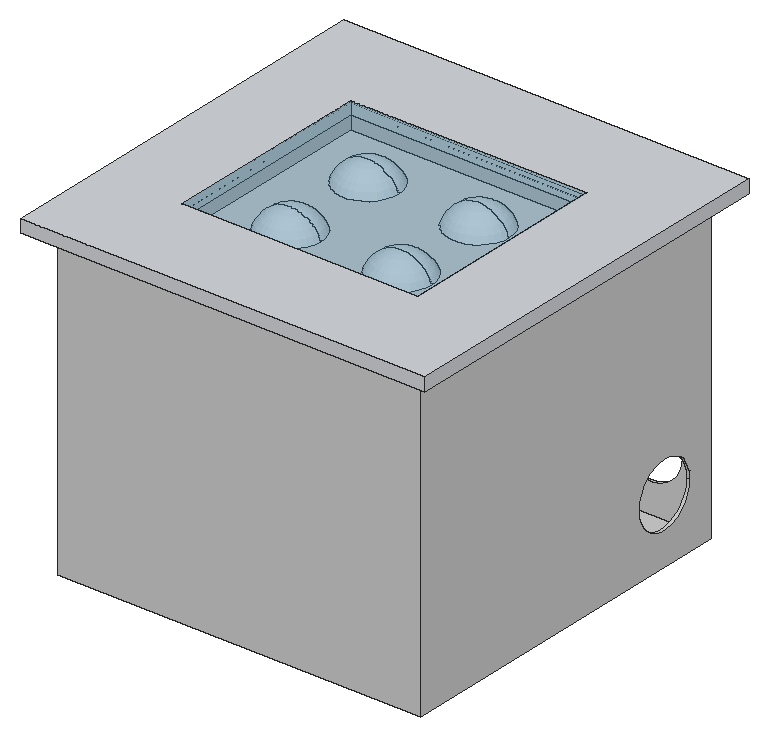
Revit family "WALL SQUARE 4W SIMETRICA_LKB0435A_WW", category Luminarias, Revit 2019
Family settings
  Cota de conector redondo = Diámetro de uso
  Tipo de pieza = Normal
  Se basa en plano de trabajo = Sí
  Siempre vertical = No
  Corte con vacíos al cargar = No
  Origen de luz = Sí
  Compartido = No
  Punto de cálculo de habitación = No
Parameters (values of type "EMP_LKB0435A.6")
  Ángulo de inclinación = 105.00°
  Ángulo de enfoque = 6.00°
  Ángulo de campo de foco = 6.00°
  Zone [instance] = ""
  Watt per fixture = 5.1
  Wattage = 5.1 W
  built-in parameter 1150107 = 2000 (stored number, unit not read)
  built-in parameter 1150110 = 1 (stored number, unit not read)
  built-in parameter 1150109 = 1 (stored number, unit not read)
  built-in parameter 1150112 = 1 (stored number, unit not read)
  built-in parameter 1150113 = 1 (stored number, unit not read)
  built-in parameter 1114218 = 1 (stored number, unit not read)
  Keynote = ""
  built-in parameter 1150137 = (empty or 0)
  built-in parameter 1150132 = (empty or 0)
  Modelo = "LKB0435A.6"
  Lámpara = "OSRAM"
  Longitud de símbolo de origen de luz = 500 mm
  Longitud [instance] = 1000 mm
  built-in parameter 1150105 = 8403.1 (stored number, unit not read)
  built-in parameter 1150102 = (empty or 0)
  built-in parameter 1150106 = 84.031 (stored number, unit not read)
  Lumens = 325.992 lm
  Color Filter = 16777215
  built-in parameter 1114217 = 1 (stored number, unit not read)
  built-in parameter 1150139 = (empty or 0)
  Fabricante = "BRILLANT"
  Default Elevation = 0 mm
  built-in parameter 1150104 = 5.9384 (stored number, unit not read)
  Descripción = "LUMINARIA TIPO CUADRADO PARA EMPOTRAR EN PISO CON CUERPO DE ALUMINIO FUNDIDO A PRESION, CUBIERTO CON POLVO GRIS OSCURO CON CUBIERTA DE ACERO INOXIDABLE Y VIDRIO TEMPLADO DE 8MM, HOUSING DE METAL 1.5MM CUBIERTO DE POLVO GRIS OSCURO DE 112MM  Y 95MM DE PROFUNDO CON PESO DE 1.5KG. CUENTA CON 4 LED TIPO OSRAM CON UNA POTENCIA TOTAL DE 5.1W, TEMPERATURA EN BLANCO ULTRA CALIDO EN 2000K CON 326 LUMENES, IP67, IK09, IRC 80 APERTURA EN 6 GRADOS POR PROYECTO, ALIMENTADA A 100-240V."
  built-in parameter 1150115 = 1 (stored number, unit not read)
  built-in parameter 1150114 = 1 (stored number, unit not read)
  Comentarios de vataje = "100-240V"
  built-in parameter 1150138 = (empty or 0)
  built-in parameter 1150134 = (empty or 0)
  Circuit [instance] = ""
  Dimming Lamp Color Temperature Shift = (empty or 0)
  Ancho = 125 mm
  built-in parameter 1150133 = 10 (stored number, unit not read)
Types (7, lengths in mm): name | Ángulo de enfoque | Ángulo de campo de foco | built-in parameter 1150107 | Modelo | Descripción
  EMP_LKB0435A.30 | 30.00° | 30.00° | 2000 (stored number, unit not read) | "LKB0435A.30" | "LUMINARIA TIPO CUADRADO PARA EMPOTRAR EN PISO CON CUERPO DE ALUMINIO FUNDIDO A PRESION, CUBIERTO CON POLVO GRIS OSCURO CON CUBIERTA DE ACERO INOXIDABLE Y VIDRIO TEMPLADO DE 8MM, HOUSING DE METAL 1.5MM CUBIERTO DE POLVO GRIS OSCURO DE 112MM  Y 95MM DE PROFUNDO CON PESO DE 1.5KG. CUENTA CON 4 LED TIPO OSRAM CON UNA POTENCIA TOTAL DE 5.1W, TEMPERATURA EN BLANCO ULTRA CALIDO EN 2000K CON 326 LUMENES, IP67, IK09, IRC 80 APERTURA EN 30 GRADOS POR STOCK, ALIMENTADA A 100-240V."
  EMP_LKB0435A.6 | 6.00° | 6.00° | 2000 (stored number, unit not read) | "LKB0435A.6" | "LUMINARIA TIPO CUADRADO PARA EMPOTRAR EN PISO CON CUERPO DE ALUMINIO FUNDIDO A PRESION, CUBIERTO CON POLVO GRIS OSCURO CON CUBIERTA DE ACERO INOXIDABLE Y VIDRIO TEMPLADO DE 8MM, HOUSING DE METAL 1.5MM CUBIERTO DE POLVO GRIS OSCURO DE 112MM  Y 95MM DE PROFUNDO CON PESO DE 1.5KG. CUENTA CON 4 LED TIPO OSRAM CON UNA POTENCIA TOTAL DE 5.1W, TEMPERATURA EN BLANCO ULTRA CALIDO EN 2000K CON 326 LUMENES, IP67, IK09, IRC 80 APERTURA EN 6 GRADOS POR PROYECTO, ALIMENTADA A 100-240V."
  EMP_LKB0435A.20 | 20.00° | 20.00° | 2000 (stored number, unit not read) | "LKB0435A.20" | "LUMINARIA TIPO CUADRADO PARA EMPOTRAR EN PISO CON CUERPO DE ALUMINIO FUNDIDO A PRESION, CUBIERTO CON POLVO GRIS OSCURO CON CUBIERTA DE ACERO INOXIDABLE Y VIDRIO TEMPLADO DE 8MM, HOUSING DE METAL 1.5MM CUBIERTO DE POLVO GRIS OSCURO DE 112MM  Y 95MM DE PROFUNDO CON PESO DE 1.5KG. CUENTA CON 4 LED TIPO OSRAM CON UNA POTENCIA TOTAL DE 5.1W, TEMPERATURA EN BLANCO ULTRA CALIDO EN 2000K CON 326 LUMENES, IP67, IK09, IRC 80 APERTURA EN 20 GRADOS POR PROYECTO, ALIMENTADA A 100-240V."
  EMP_LKB0435WW.30 | 30.00° | 30.00° | 3000 (stored number, unit not read) | "LKB0435WW.30" | "LUMINARIA TIPO CUADRADO PARA EMPOTRAR EN PISO CON CUERPO DE ALUMINIO FUNDIDO A PRESION, CUBIERTO CON POLVO GRIS OSCURO CON CUBIERTA DE ACERO INOXIDABLE Y VIDRIO TEMPLADO DE 8MM, HOUSING DE METAL 1.5MM CUBIERTO DE POLVO GRIS OSCURO DE 112MM  Y 95MM DE PROFUNDO CON PESO DE 1.5KG. CUENTA CON 4 LED TIPO OSRAM CON UNA POTENCIA TOTAL DE 5.1W, TEMPERATURA EN BLANCO CALIDO EN 3000K CON 326 LUMENES, IP67, IK09, IRC 80 APERTURA EN 30 GRADOS POR STOCK, ALIMENTADA A 100-240V."
  EMP_LKB0435WW.6 | 6.00° | 6.00° | 3000 (stored number, unit not read) | "LKB0435WW.6" | "LUMINARIA TIPO CUADRADO PARA EMPOTRAR EN PISO CON CUERPO DE ALUMINIO FUNDIDO A PRESION, CUBIERTO CON POLVO GRIS OSCURO CON CUBIERTA DE ACERO INOXIDABLE Y VIDRIO TEMPLADO DE 8MM, HOUSING DE METAL 1.5MM CUBIERTO DE POLVO GRIS OSCURO DE 112MM  Y 95MM DE PROFUNDO CON PESO DE 1.5KG. CUENTA CON 4 LED TIPO OSRAM CON UNA POTENCIA TOTAL DE 5.1W, TEMPERATURA EN BLANCO CALIDO EN 3000K CON 326 LUMENES, IP67, IK09, IRC 80 APERTURA EN 6 GRADOS POR PROYECTO, ALIMENTADA A 100-240V."
  EMP_LKB0435WW.13 | 6.00° | 6.00° | 3000 (stored number, unit not read) | "LKB0435WW.6" | "LUMINARIA TIPO CUADRADO PARA EMPOTRAR EN PISO CON CUERPO DE ALUMINIO FUNDIDO A PRESION, CUBIERTO CON POLVO GRIS OSCURO CON CUBIERTA DE ACERO INOXIDABLE Y VIDRIO TEMPLADO DE 8MM, HOUSING DE METAL 1.5MM CUBIERTO DE POLVO GRIS OSCURO DE 112MM  Y 95MM DE PROFUNDO CON PESO DE 1.5KG. CUENTA CON 4 LED TIPO OSRAM CON UNA POTENCIA TOTAL DE 5.1W, TEMPERATURA EN BLANCO CALIDO EN 3000K CON 326 LUMENES, IP67, IK09, IRC 80 APERTURA EN 6 GRADOS POR PROYECTO, ALIMENTADA A 100-240V."
  EMP_LKB0435WW.20 | 20.00° | 20.00° | 3000 (stored number, unit not read) | "LKB0435WW.20" | "LUMINARIA TIPO CUADRADO PARA EMPOTRAR EN PISO CON CUERPO DE ALUMINIO FUNDIDO A PRESION, CUBIERTO CON POLVO GRIS OSCURO CON CUBIERTA DE ACERO INOXIDABLE Y VIDRIO TEMPLADO DE 8MM, HOUSING DE METAL 1.5MM CUBIERTO DE POLVO GRIS OSCURO DE 112MM  Y 95MM DE PROFUNDO CON PESO DE 1.5KG. CUENTA CON 4 LED TIPO OSRAM CON UNA POTENCIA TOTAL DE 5.1W, TEMPERATURA EN BLANCO CALIDO EN 3000K CON 326 LUMENES, IP67, IK09, IRC 80 APERTURA EN 20 GRADOS POR PROYECTO, ALIMENTADA A 100-240V."
Reference planes
  plane 1 "Centro (Frontal/Posterior)": y = 0
  plane 2: z = 0
  plane 3 "Centro (Izquierda/Derecha)": x = 0
  plane 4: z = -75
  plane 5: x = -62.5
  plane 6: x = 62.5
  plane 7: y = 62.5
  plane 8: y = -62.5
  plane 9: z = -95
Forms (mm)
  Extrusion 1, solid
    sketch origin (0, 0, 0) x (1, 0, 0) y (0, 1, 0)
      loop
        line (-62.5, 62.5) -> (-62.5, -62.5) -> (62.5, -62.5) -> (62.5, 62.5) -> (-62.5, 62.5)
      loop
        line (-36.594, 32.657) -> (-36.594, -32.657) -> (36.594, -32.657) -> (36.594, 32.657) -> (-36.594, 32.657)
    from 0 to 4.111
  Extrusion 2, solid, material "Cristal"
    sketch origin (0, 0, 0) x (1, 0, 0) y (0, 1, 0)
      loop
        line (-36.594, 32.657) -> (-36.594, -32.657) -> (36.594, -32.657) -> (36.594, 32.657) -> (-36.594, 32.657)
    from 3.463 to 4.111
  Extrusion 3, solid, material "Acero Inoxidable"
    sketch origin (0, 0, 0) x (1, 0, 0) y (0, 1, 0)
      loop
        line (-49.686, 50.508) -> (-49.686, -50.508) -> (49.686, -50.508) -> (49.686, 50.508) -> (-49.686, 50.508)
    from -11.843 to -3.924
  Revolve 4, solid
    sketch origin (5, -15, 0) x (-1, 0, 0) y (0, 0, 1)
      loop
        line (-21.594, -3.924) -> (-12.115, -3.924) -> (-12.115, 2.514)
        arc (-12.115, 2.514) -> (-17.844, 0.752) -> (-21.594, -3.924) r 10.197
      axis (-12.115, -3.924) -> (-12.115, 2.514)
    angle from 0 to 360
  Revolve 5, solid
    sketch origin (-5, -15, 0) x (1, 0, 0) y (0, 0, -1)
      loop
        arc (-21.594, 3.924) -> (-17.844, -0.752) -> (-12.115, -2.514) r 10.197
        line (-12.115, -2.514) -> (-12.115, 3.924) -> (-21.594, 3.924)
      axis (-12.115, 3.924) -> (-12.115, -2.514)
    angle from 0 to 360
  Extrusion 6, solid, material "Acero Inoxidable"
    sketch origin (0, 0, 0) x (1, 0, 0) y (0, 1, 0)
      loop
        line (-49.686, 50.508) -> (-49.686, -50.508) -> (49.686, -50.508) -> (49.686, 50.508) -> (-49.686, 50.508)
      loop
        line (-36.594, 32.657) -> (-36.594, -32.657) -> (36.594, -32.657) -> (36.594, 32.657) -> (-36.594, 32.657)
    from -3.924 to 2.027
  Revolve 7, solid
    sketch origin (5, 15, 0) x (-1, 0, 0) y (0, 0, -1)
      loop
        arc (-21.594, 3.924) -> (-17.844, -0.752) -> (-12.115, -2.514) r 10.197
        line (-12.115, -2.514) -> (-12.115, 3.924) -> (-21.594, 3.924)
      axis (-12.115, 3.924) -> (-12.115, -2.514)
    angle from 0 to 360
  Revolve 8, solid
    sketch origin (-5, 15, 0) x (1, 0, 0) y (0, 0, 1)
      loop
        line (-21.594, -3.924) -> (-12.115, -3.924) -> (-12.115, 2.514)
        arc (-12.115, 2.514) -> (-17.844, 0.752) -> (-21.594, -3.924) r 10.197
      axis (-12.115, -3.924) -> (-12.115, 2.514)
    angle from 0 to 360
  Extrusion 9, solid, material "Acero Inoxidable"
    sketch origin (0, 0, 0) x (1, 0, 0) y (0, 1, 0)
      loop
        line (-45.53, 46.284) -> (-45.53, 25.405)
        arc (-45.53, 25.405) -> (-43.485, 23.359) -> (-45.53, 21.314) r 2.045
        line (-45.53, 21.314) -> (-45.53, 18.757)
        arc (-45.53, 18.757) -> (-43.485, 16.712) -> (-45.53, 14.666) r 2.045
        line (-45.53, 14.666) -> (-45.53, 12.109)
        arc (-45.53, 12.109) -> (-43.485, 10.064) -> (-45.53, 8.019) r 2.045
        line (-45.53, 8.019) -> (-45.53, 5.462)
        arc (-45.53, 5.462) -> (-43.485, 3.416) -> (-45.53, 1.371) r 2.045
        line (-45.53, 1.371) -> (-45.53, -1.371)
        arc (-45.53, -1.371) -> (-43.485, -3.416) -> (-45.53, -5.462) r 2.045
        line (-45.53, -5.462) -> (-45.53, -8.019)
        arc (-45.53, -8.019) -> (-43.485, -10.064) -> (-45.53, -12.109) r 2.045
        line (-45.53, -12.109) -> (-45.53, -14.666)
        arc (-45.53, -14.666) -> (-43.485, -16.712) -> (-45.53, -18.757) r 2.045
        line (-45.53, -18.757) -> (-45.53, -21.314)
        arc (-45.53, -21.314) -> (-43.485, -23.359) -> (-45.53, -25.405) r 2.045
        line (-45.53, -25.405) -> (-45.53, -46.284) -> (45.53, -46.284) -> (45.53, -25.405)
        arc (45.53, -25.405) -> (43.485, -23.359) -> (45.53, -21.314) r 2.045
        line (45.53, -21.314) -> (45.53, -18.757)
        arc (45.53, -18.757) -> (43.485, -16.712) -> (45.53, -14.666) r 2.045
        line (45.53, -14.666) -> (45.53, -12.109)
        arc (45.53, -12.109) -> (43.485, -10.064) -> (45.53, -8.019) r 2.045
        line (45.53, -8.019) -> (45.53, -5.462)
        arc (45.53, -5.462) -> (43.485, -3.416) -> (45.53, -1.371) r 2.045
        line (45.53, -1.371) -> (45.53, 1.371)
        arc (45.53, 1.371) -> (43.485, 3.416) -> (45.53, 5.462) r 2.045
        line (45.53, 5.462) -> (45.53, 8.019)
        arc (45.53, 8.019) -> (43.485, 10.064) -> (45.53, 12.109) r 2.045
        line (45.53, 12.109) -> (45.53, 14.666)
        arc (45.53, 14.666) -> (43.485, 16.712) -> (45.53, 18.757) r 2.045
        line (45.53, 18.757) -> (45.53, 21.314)
        arc (45.53, 21.314) -> (43.485, 23.359) -> (45.53, 25.405) r 2.045
        line (45.53, 25.405) -> (45.53, 46.284) -> (-45.53, 46.284)
    from -75 to -11.843
  Extrusion 10, solid, material "Acero Inoxidable"
    sketch origin (0, 0, 0) x (1, 0, 0) y (0, 1, 0)
      loop
        line (30.126, 39.471) -> (26.662, 45.47) -> (19.735, 45.47) -> (16.271, 39.471) -> (19.735, 33.471) -> (26.662, 33.471) -> (30.126, 39.471)
    from -80.158 to -75
  Revolve 11, solid, material "Default Form"
    sketch origin (11.084, 39.506, -84.082) x (-1, 0, 0) y (0, 0, -1)
      loop
        line (-17.857, -3.924) -> (-12.115, -3.924) -> (-12.115, -0.82)
        arc (-12.115, -0.82) -> (-15.379, -1.646) -> (-17.857, -3.924) r 6.863
      axis (-12.115, -3.924) -> (-12.115, -0.82)
    angle from 0 to 360
  Extrusion 12, solid, material "Default Form"
    sketch origin (0, 0, 0) x (1, 0, 0) y (0, 1, 0)
      loop
        circle (23.199, 39.506) r 3.292
    from -92.92 to -81.094
  Extrusion 13, solid, material "Acero Inoxidable"
    sketch origin (0, 0, 0) x (1, 0, 0) y (0, 1, 0)
      loop
        line (-56, 56) -> (-56, -56) -> (56, -56) -> (56, 56) -> (-56, 56)
      loop
        line (-55, 55) -> (-55, -55) -> (55, -55) -> (55, 55) -> (-55, 55)
    from -93.974 to 0
  Extrusion 14, void
    sketch origin (0, 0, 0) x (1, 0, 0) y (0, 0, 1)
      loop
        circle (38.205, -75) r 10
    from -62.5 to -50.508
  Extrusion 15, void
    sketch origin (0, 0, 0) x (0, 1, 0) y (0, 0, 1)
      loop
        circle (38.2, -75) r 10
    from 49.686 to 62.5
  Extrusion 16, solid, material "Acero Inoxidable"
    sketch origin (0, 0, 0) x (1, 0, 0) y (0, 1, 0)
      loop
        line (56, 56) -> (-56, 56) -> (-56, -56) -> (56, -56) -> (56, 56)
    from -95 to -93.974
Cuts and joins
  joined: Extrusion 3, Extrusion 6
  Extrusion 14, Extrusion 15 cuts Extrusion 9
  Extrusion 14, Extrusion 15 cuts Extrusion 13
  joined: Extrusion 13, Extrusion 16
Dimensions and locks
  level to plane 4 = 75 mm
  equal spacing: plane 5, plane 3 "Centro (Izquierda/Derecha)", plane 6
  plane 5 to plane 3 "Centro (Izquierda/Derecha)" = 62.5 mm
  "Ancho": plane 5 to plane 6
  equal spacing: plane 7, plane 1 "Centro (Frontal/Posterior)", plane 8
  plane 1 "Centro (Frontal/Posterior)" to plane 7 = 62.5 mm
  "Ancho": plane 7 to plane 8
  plane 2 to plane 4 = 75 mm
  plane 2 to plane 9 = 95 mm
  equal spacing: Extrusion 1 sketch curve, plane 1 "Centro (Frontal/Posterior)", Extrusion 1 sketch curve
  equal spacing: Extrusion 1 sketch curve, plane 3 "Centro (Izquierda/Derecha)", Extrusion 1 sketch curve
  equal spacing: Extrusion 3 sketch curve, plane 3 "Centro (Izquierda/Derecha)", Extrusion 3 sketch curve
  equal spacing: Extrusion 3 sketch curve, plane 1 "Centro (Frontal/Posterior)", Extrusion 3 sketch curve
  aligned and locked: level to plane 2
  aligned and locked: Extrusion 1 sketch curve to plane 7
  aligned and locked: plane 5 to Extrusion 1 sketch curve
  aligned and locked: plane 8 to Extrusion 1 sketch curve
  aligned and locked: Extrusion 1 sketch curve to plane 6
  aligned and locked: Extrusion 2 sketch curve to Extrusion 1  (x4)
  aligned and locked: Extrusion 1 to Extrusion 2
Automatic sketch dimensions
  plane 5 to Extrusion 1 sketch curve = 25.906 mm
  plane 8 to Extrusion 1 sketch curve = 29.843 mm
  Revolve 4 sketch curve to level = 3.924 mm
  plane 3 "Centro (Izquierda/Derecha)" to Revolve 4 sketch curve = 26.594 mm
  level to Revolve 4 sketch curve = 2.514 mm
  Revolve 4 sketch curve to Revolve 4 sketch curve = 9.479 mm
  Revolve 4 sketch curve to Revolve 4 sketch curve = 0 mm  (x2)
  Revolve 4 sketch curve to Revolve 4 sketch curve = 15 mm
  Revolve 5 sketch curve to level = 3.924 mm
  Revolve 5 sketch curve to plane 3 "Centro (Izquierda/Derecha)" = 26.594 mm
  level to Revolve 5 sketch curve = 2.514 mm
  Revolve 5 sketch curve to Revolve 5 sketch curve = 9.479 mm
  Revolve 5 sketch curve to Revolve 5 sketch curve = 0 mm  (x2)
  Revolve 5 sketch curve to Revolve 5 sketch curve = 15 mm
  Revolve 7 sketch curve to level = 3.924 mm
  plane 3 "Centro (Izquierda/Derecha)" to Revolve 7 sketch curve = 26.594 mm
  level to Revolve 7 sketch curve = 2.514 mm
  Revolve 7 sketch curve to Revolve 7 sketch curve = 9.479 mm
  Revolve 7 sketch curve to Revolve 7 sketch curve = 0 mm  (x2)
  Revolve 7 sketch curve to Revolve 7 sketch curve = 15 mm
  Revolve 8 sketch curve to level = 3.924 mm
  Revolve 8 sketch curve to plane 3 "Centro (Izquierda/Derecha)" = 26.594 mm
  level to Revolve 8 sketch curve = 2.514 mm
  Revolve 8 sketch curve to Revolve 8 sketch curve = 9.479 mm
  Revolve 8 sketch curve to Revolve 8 sketch curve = 0 mm  (x2)
  Revolve 8 sketch curve to Revolve 8 sketch curve = 15 mm
  plane 5 to Extrusion 9 sketch curve = 16.97 mm
  Extrusion 9 sketch curve to plane 6 = 16.97 mm
  plane 8 to Extrusion 9 sketch curve = 16.216 mm
  Extrusion 9 sketch curve to Extrusion 9 sketch curve = 20.879 mm  (x2)
  Extrusion 9 sketch curve to Extrusion 9 sketch curve = 2.045 mm  (x16)
  Extrusion 9 sketch curve to Extrusion 9 sketch curve = 2.557 mm  (x12)
  Extrusion 9 sketch curve to plane 1 "Centro (Frontal/Posterior)" = 1.371 mm  (x2)
  Extrusion 9 sketch curve to plane 7 = 16.216 mm
  plane 3 "Centro (Izquierda/Derecha)" to Extrusion 10 sketch curve = 16.271 mm
  Extrusion 10 sketch curve to Extrusion 10 sketch curve = 3.464 mm  (x3)
  Extrusion 10 sketch curve to Extrusion 10 sketch curve = 6.928 mm  (x2)
  Extrusion 10 sketch curve to plane 7 = 29.029 mm
  Extrusion 10 sketch curve to Extrusion 10 sketch curve = 6 mm  (x3)
  Revolve 11 sketch curve to plane 4 = 5.158 mm
  plane 3 "Centro (Izquierda/Derecha)" to Revolve 11 sketch curve = 28.941 mm
  Revolve 11 sketch curve to Revolve 11 sketch curve = 5.742 mm
  Revolve 11 sketch curve to plane 4 = 1.398 mm
  Revolve 11 sketch curve to Revolve 11 sketch curve = 0 mm
  Revolve 11 sketch curve to Revolve 11 sketch curve = 3.334 mm
  Revolve 11 sketch curve to plane 9 = 6.596 mm
  plane 3 "Centro (Izquierda/Derecha)" to Extrusion 12 sketch curve = 23.199 mm
  Extrusion 12 sketch curve to plane 7 = 22.994 mm
  plane 5 to Extrusion 13 sketch curve = 6.5 mm
  Extrusion 13 sketch curve to plane 6 = 6.5 mm
  plane 8 to Extrusion 13 sketch curve = 6.5 mm
  Extrusion 13 sketch curve to plane 7 = 6.5 mm
  Extrusion 13 sketch curve to Extrusion 13 sketch curve = 1 mm  (x4)
  plane 5 to Extrusion 3 sketch curve = 12.814 mm
  plane 8 to Extrusion 3 sketch curve = 11.992 mm
  plane 5 to Extrusion 6 sketch curve = 12.814 mm
  Extrusion 6 sketch curve to Extrusion 6 sketch curve = 13.092 mm
  Extrusion 6 sketch curve to plane 6 = 25.906 mm
  Extrusion 6 sketch curve to plane 6 = 12.814 mm
  plane 8 to Extrusion 6 sketch curve = 11.992 mm
  Extrusion 6 sketch curve to Extrusion 6 sketch curve = 17.851 mm
  Extrusion 6 sketch curve to plane 7 = 29.843 mm
  Extrusion 6 sketch curve to plane 7 = 11.992 mm
  Extrusion 14 sketch curve to plane 4 = 0 mm
  Extrusion 14 sketch curve to plane 6 = 24.295 mm
  Extrusion 15 sketch curve to plane 4 = 0 mm
  Extrusion 15 sketch curve to plane 7 = 24.3 mm
  plane 5 to Extrusion 16 sketch curve = 6.5 mm
  Extrusion 16 sketch curve to plane 6 = 6.5 mm
  plane 8 to Extrusion 16 sketch curve = 6.5 mm
  Extrusion 16 sketch curve to plane 7 = 6.5 mm
  radius of Extrusion 12 sketch curve = 3.292 mm
  radius of Extrusion 14 sketch curve = 10 mm
  radius of Extrusion 15 sketch curve = 10 mm
Connectors
  electrical at (0, 0, -93.974)
    settings: on cut or joined group of Extrusion 13, Extrusion 14, Extrusion 15, Extrusion 16, index 1, voltage 240 V, apparent load 0 VA, apparent load phase1 0 VA, apparent load phase2 0 VA, apparent load phase3 0 VA, power factor 1, load classification "Otro", number of poles 1, system type 31, power factor state 1, is connector primary yes, connector utility no, sub classification motor no, connector description ""
